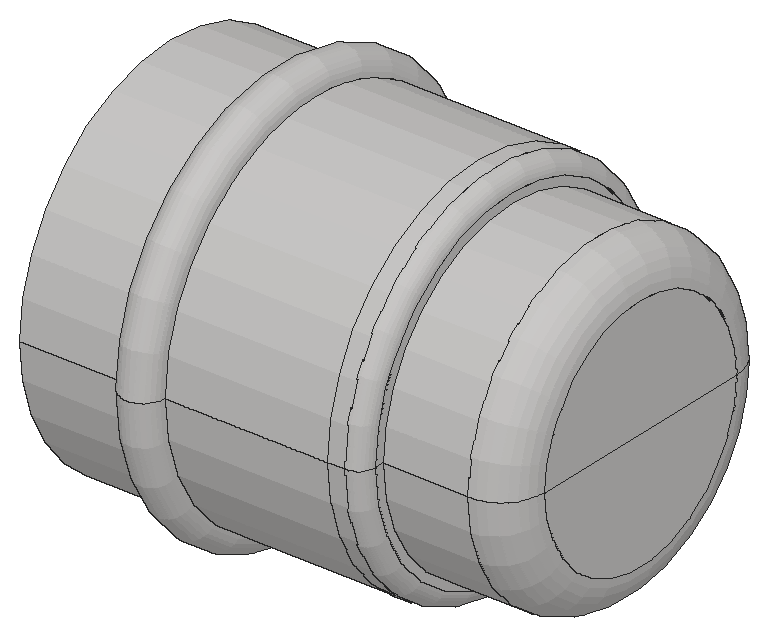
Revit family "StopEnd-B-Inox-Conex-15-54mm-PS5301", category Pipe Fittings, Revit 2019
Family settings
  Round Connector Dimension = Use Diameter
  Part Type = Cap
  OmniClass Number = 23.60.30.11.14
  OmniClass Title = Pipework Fittings
  Work Plane-Based = No
  Always vertical = Yes
  Cut with Voids When Loaded = No
  Shared = No
Parameters (values of type "Standard")
  Weight_KG/Ea [instance] = size_lookup(Lookup Table Name, "WT", 0, NominalDiameter)  # 0.123
  Uniformat IIElements = "TBC"
  URL = "http://www.conexbanninger.com/search.php?brands_id=34"
  Type Comments = "TBC"
  RingThickness [instance] = if(NominalDiameter < 40.00 mm, 2.50 mm, 5.00 mm)  # 5.00 mm
  RingAlignment [instance] = FittingOutsideDiameter / 2  # 22.05 mm
  L1 [instance] = size_lookup(Lookup Table Name, "L1", NominalDiameter * 0.75, NominalDiameter)  # 36.00 mm
  SerialNumber [instance] = ""
  RingCenter [instance] = L1 * 0.4  # 14.40 mm
  ProductCode [instance] = if(NominalDiameter = 15.00 mm, "PS 5301 0150000", if(NominalDiameter = 18.00 mm, "PS 5301 0180000", if(NominalDiameter = 22.00 mm, "PS 5301 0220000", if(NominalDiameter = 28.00 mm, "PS 5301 0280000", if(NominalDiameter = 35.00 mm, "PS 5301 0350000", if(NominalDiameter = 42.00 mm, "PS 5301 0420000", if(NominalDiameter = 54.00 mm, "PS 5301 0540000", "ProductCode NA")))))))  # "PS 5301 0420000"
  OmniclassProducts = "TBC"
  NominalDiameter [instance] = 42.00 mm
  NATSPECWorkSection = "TBC"
  ModifiedIssue_ANZRS = 20161230.54  # constant formula
  Model Version = "2015"
  Model Status [instance] = ""
  Model Specification = "BMA"
  Model = "Stop End"  # constant formula
  Material = Stainless Steel AISI 317
  Mark [instance] = ""
  Manufacturer = "Conex | Bänninger"  # constant formula
  Loss Method = Not Defined
  Lookup Table Name = "StopEnd-B-Inox-Conex-15-54mm-PS5301"
  L [instance] = size_lookup(Lookup Table Name, "L", NominalDiameter * 1.25, NominalDiameter)  # 55.00 mm
  K Coefficient Table = "Reducer/Coupling/Union/Increaser"
  built-in parameter 1114238 [instance] = not(0.00 mm < size_lookup(Lookup Table Name, "L", 0.00 mm, NominalDiameter))  # (empty or 0)
  FittingOutsideDiameter [instance] = NominalDiameter * 1.05  # 44.10 mm
  FinalHHWFlow [instance] = 0.0 L/s
  FilletRadius_2 [instance] = if(NominalDiameter < 30.00 mm, 2.00 mm, 5.00 mm)  # 5.00 mm
  FilletRadius_1 [instance] = if(NominalDiameter < 30.00 mm, 1.00 mm, 2.00 mm)  # 2.00 mm
  Description = ">B< Press Inox is a quick and simple to install flame-free fitting, manufactured using high quality hygienic stainless steel materials, suitable for multiple applications."  # constant formula
  CustomFitting [instance] = not(0.00 mm < size_lookup(Lookup Table Name, "L", 0.00 mm, NominalDiameter))  # no
  CreatedBy_ANZRS = "A2K Technologies"  # constant formula
  CreatedByURL_ANZRS = "http://www.bimmepaus.com.au/"
  Assembly Code = "D2090800"
Reference planes
  plane 1 "Center (Front/Back)": y = 0
  plane 2: z = 0
  plane 3 "Center (Left/Right)": x = 0
  plane 4 "Length": x = 55
  plane 5 "SocketDepth": x = 36
  plane 6 "SRL": x = 14.4
  plane 7 "ND2": y = 21
  plane 8 "ND1": y = -21
  plane 9 "FOD2": y = 22.05
  plane 10 "FOD1": y = -22.05
  plane 11: x = 40
Forms (mm)
  Extrusion 1, solid, material "Stainless Steel AISI 317" <- "Material", detail levels fine
    sketch origin (0, 0, 0) x (0, 1, 0) y (0, 0, 1)
      loop
        circle (0, 0) r 22.05
    from 0 to 36
  Revolve 2, solid, material "Stainless Steel AISI 317" <- "Material", detail levels fine
    sketch origin (0, 0, 0) x (1, 0, 0) y (0, 1, 0)
      loop
        line (36, 22.05) -> (36, 0) -> (55, 0) -> (55, 14)
        arc (55, 14) -> (53.536, 17.536) -> (50, 19) r 5
        line (50, 19) -> (40, 19) -> (40, 20.05)
        arc (40, 20.05) -> (39.414, 21.464) -> (38, 22.05) r 2
        line (38, 22.05) -> (36, 22.05)
      axis (36, 0) -> (55, 0)
    angle from 0 to 360
  Revolve 3, solid, material "Stainless Steel AISI 317" <- "Material", detail levels fine
    sketch origin (0, 0, 0) x (1, 0, 0) y (0, 1, 0)
      loop
        line (11.9, 0) -> (16.9, 0) -> (16.9, 22.05)
        arc (16.9, 22.05) -> (14.4, 24.55) -> (11.9, 22.05) r 2.5
        line (11.9, 22.05) -> (11.9, 0)
      axis (11.9, 0) -> (16.9, 0)
    angle from 0 to 360
Cuts and joins
  joined: Extrusion 1, Revolve 2, Revolve 3
Lines and regions (mm)
  model lines, detail levels coarse+medium
    curve 1: line (0, 21, 0) -> (55, 21, 0)
    curve 2: line (55, -21, 0) -> (0, -21, 0)
    curve 3: line (55, 21, 0) -> (55, -21, 0)
Dimensions and locks
  "L": plane 3 "Center (Left/Right)" to plane 4 "Length"
  "L1": plane 3 "Center (Left/Right)" to plane 5 "SocketDepth"
  "RingCenter": plane 3 "Center (Left/Right)" to plane 6 "SRL"
  equal spacing: plane 8 "ND1", plane 1 "Center (Front/Back)", plane 7 "ND2"
  "NominalDiameter": plane 7 "ND2" to plane 8 "ND1"
  equal spacing: plane 10 "FOD1", plane 1 "Center (Front/Back)", plane 9 "FOD2"
  "FittingOutsideDiameter": plane 9 "FOD2" to plane 10 "FOD1"
  locked: plane 1 "Center (Front/Back)" to connector elem at 0
  locked: connector elem to level at 0
  locked: plane 5 "SocketDepth" to plane 11 at 4
  locked: plane 7 "ND2" to Revolve 2 sketch curve at 2
  equal spacing: Revolve 3 sketch curve, plane 6 "SRL", Revolve 3 sketch curve
  "RingThickness": Revolve 3 sketch curve to Revolve 3 sketch curve
  "RingAlignment": plane 1 "Center (Front/Back)" to Revolve 3 sketch curve
  "FittingOutsideDiameter": diameter of Extrusion 1 sketch curve
  "FilletRadius_1": radius of Revolve 2 sketch curve
  "FilletRadius_2": radius of Revolve 2 sketch curve
  "RingThickness": diameter of Revolve 3 sketch curve
  aligned and locked: plane 2 to level
  aligned and locked: level to Extrusion 1 sketch curve
  aligned and locked: plane 1 "Center (Front/Back)" to Extrusion 1 sketch curve
  aligned and locked: Extrusion 1 to plane 3 "Center (Left/Right)"
  aligned and locked: plane 5 "SocketDepth" to Extrusion 1
  aligned and locked: curve 1 to plane 7 "ND2"
  aligned and locked: plane 8 "ND1" to curve 2
  aligned and locked: curve 3 to plane 4 "Length"
  aligned and locked: plane 3 "Center (Left/Right)" to curve 1
  aligned and locked: plane 3 "Center (Left/Right)" to curve 2
  aligned and locked: Revolve 2 sketch curve to plane 1 "Center (Front/Back)"
  aligned and locked: Revolve 2 sketch curve to plane 4 "Length"
  aligned and locked: plane 5 "SocketDepth" to Revolve 2 sketch curve
  aligned and locked: Revolve 2 sketch curve to plane 9 "FOD2"
  aligned and locked: Revolve 2 sketch curve to plane 11
  aligned and locked: plane 1 "Center (Front/Back)" to Revolve 2 sketch curve
  aligned and locked: plane 1 "Center (Front/Back)" to Revolve 3 sketch curve  (x2)
Automatic sketch dimensions
  plane 4 "Length" to Revolve 3 sketch curve = 15.00 mm
  Revolve 3 sketch curve to Revolve 3 sketch curve = 31.604 mm
  Revolve 2 sketch curve to Revolve 2 sketch curve = 6.39 mm
  Revolve 2 sketch curve to Revolve 2 sketch curve = 12.11 mm
Connectors
  piping at (36, 0, 0), diameter 42, driven by "NominalDiameter"
    settings: on plane 5 "SocketDepth", index 1, connector inside diameter 609.6 mm, connector length 0.00 mm, flow factor 0, pipe flow 0.0 L/s, pressure drop 0.0 Pa, fitting loss kfactor 0, connector angle 0.00°, fixture units 0, engagement length 0.00 mm, angle of deflection 0.00°, flow configuration 0, flow direction 0, fitting loss method 0, system type 28, joint type 0, gender type 0, connector reference index -1, connector utility 0, adjustable connector no, is connector primary yes, connector description ""
